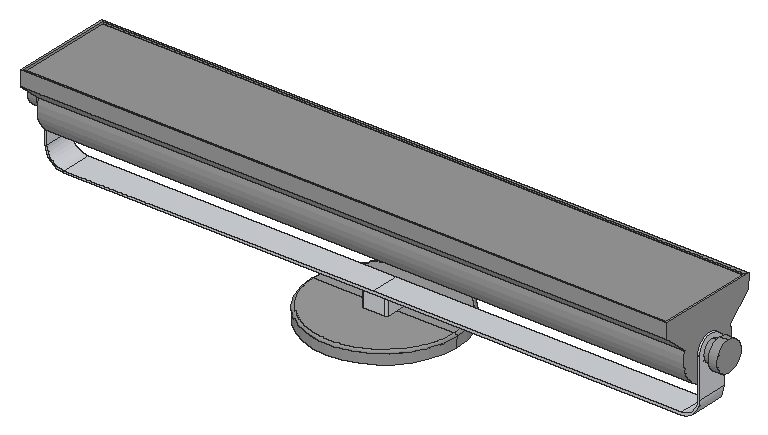
Revit family "Alcon-13126-12-SM-Revit-Family", category Generic Models, host Face, Revit 2025
Family settings
  Host = Face
  Can host rebar = No
  Round Connector Dimension = Use Diameter
  Part Type = Normal
  Cut with Voids When Loaded = No
  Maintain Annotation Orientation = No
  Shared = No
  Room Calculation Point = No
Parameters
  URL = "https://www.alconlighting.com/?srsltid=AfmBOooDPhGQ0dEP-X2PMtxFfvvWpIAEL4jCll_O2F4_to5onvhnBomy"
  Product Page URL = "https://www.alconlighting.com/13126-20.html"
  Model = "13126-20"
  Manufacturer = "ALCON Lighter"
  Housing = Default
  Fixture Rotation = 90.00°
  Default Elevation = 4' - 0"
Reference planes (in)
  plane 1 "Center (Front/Back)": y = 0
  plane 2: z = 0
  plane 3 "Center (Left/Right)": x = 0
  plane 4: z = 2.21166
Forms (in)
  Extrusion 1, solid
    sketch origin (0, 0.03835, 2.57633) x (1, 0, 0) y (0, 0, -1)
      loop
        line (0, 1.64916) -> (9.0625, 1.64916)
        arc (9.0625, 1.64916) -> (9.41605, 1.50272) -> (9.5625, 1.14916) r 0.5
        line (9.5625, 1.14916) -> (9.5625, -0.50555) -> (9.625, -0.50555) -> (9.625, 1.14824)
        arc (9.625, 1.14824) -> (9.45998, 1.54664) -> (9.06158, 1.71166) r 0.56342
        line (9.06158, 1.71166) -> (0, 1.71166) -> (-9.06158, 1.71166)
        arc (-9.06158, 1.71166) -> (-9.45998, 1.54664) -> (-9.625, 1.14824) r 0.56342
        line (-9.625, 1.14824) -> (-9.625, -0.50546) -> (-9.5625, -0.50546) -> (-9.5625, 1.14916)
        arc (-9.5625, 1.14916) -> (-9.41605, 1.50272) -> (-9.0625, 1.64916) r 0.5
        line (-9.0625, 1.64916) -> (0, 1.64916)
    from -0.47585 to 0.39915
  Extrusion 2, solid
    sketch origin (0, 0, 0.86467) x (-1, 0, 0) y (0, 1, 0)
      loop
        arc (-0.375, -0.3125) -> (-0.35669, -0.35669) -> (-0.3125, -0.375) r 0.0625
        line (-0.3125, -0.375) -> (0.3125, -0.375)
        arc (0.3125, -0.375) -> (0.35669, -0.35669) -> (0.375, -0.3125) r 0.0625
        line (0.375, -0.3125) -> (0.375, 0.3125)
        arc (0.375, 0.3125) -> (0.35669, 0.35669) -> (0.3125, 0.375) r 0.0625
        line (0.3125, 0.375) -> (-0.3125, 0.375)
        arc (-0.3125, 0.375) -> (-0.35669, 0.35669) -> (-0.375, 0.3125) r 0.0625
        line (-0.375, 0.3125) -> (-0.375, -0.3125)
    from 0 to 0.5
  Extrusion 3, void
    sketch origin (0, 0, 0.36467) x (0, -1, 0) y (0, 0, 1)
      loop
        arc (-0.4375, 2.21166) -> (0, 2.64916) -> (0.4375, 2.21166) r 0.4375
        line (0.4375, 2.21166) -> (0.4375, 0.3496) -> (0.5625, 0.3496) -> (0.5625, 2.77416) -> (-0.5625, 2.77416) -> (-0.5625, 0.3496) -> (-0.4375, 0.3496) -> (-0.4375, 2.21166)
    from -10.67075 to 10.71715
  Revolve 4, solid, material "Default" <- "Housing"
    sketch origin (0, 0, 0) x (1, 0, 0) y (0, 0, 1)
      loop
        line (0, 0) -> (2.14067, 0) -> (2.14067, 0.29309)
        arc (2.14067, 0.29309) -> (2.11968, 0.34376) -> (2.069, 0.36475) r 0.07166
        line (2.069, 0.36475) -> (0, 0.36475) -> (0, 0)
      axis (0, 0) -> (0, 0.36475)
    angle from 0 to 360
Cuts and joins
  Extrusion 3 cuts Extrusion 1
Dimensions and locks (in)
  "Fixture Rotation": angle nested 1 to plane 4
  aligned and locked: plane 2 to host face
  aligned and locked: level to host face
Automatic sketch dimensions
  host sketch curve to host sketch curve = 8' - 0"  (x2)
  Extrusion 1 sketch curve to plane 3 "Center (Left/Right)" = 0' - 0"  (x2)
  level to Extrusion 1 sketch curve = 0' - 0.86467"
  Extrusion 1 sketch curve to plane 3 "Center (Left/Right)" = 0' - 9.06158"
  Extrusion 1 sketch curve to Extrusion 1 sketch curve = 0' - 0.00092"  (x3)
  Extrusion 1 sketch curve to Extrusion 1 sketch curve = 0' - 0 1/2"
  Extrusion 1 sketch curve to Extrusion 1 sketch curve = 0' - 0 1/16"  (x2)
  level to Extrusion 1 sketch curve = 0' - 1.4281"
  plane 3 "Center (Left/Right)" to Extrusion 1 sketch curve = 0' - 9.06158"
  Extrusion 1 sketch curve to plane 4 = 0' - 0.87014"
  Extrusion 1 sketch curve to plane 4 = 0' - 0.87022"
  plane 3 "Center (Left/Right)" to Extrusion 2 sketch curve = 0' - 0 3/8"
  Extrusion 2 sketch curve to Extrusion 2 sketch curve = 0' - 0 1/16"  (x3)
  Extrusion 2 sketch curve to plane 3 "Center (Left/Right)" = 0' - 0 5/16"  (x2)
  Extrusion 2 sketch curve to plane 1 "Center (Front/Back)" = 0' - 0 3/8"
  plane 1 "Center (Front/Back)" to Extrusion 2 sketch curve = 0' - 0 5/16"
  Extrusion 3 sketch curve to plane 4 = 0' - 0.36467"
  Extrusion 3 sketch curve to plane 1 "Center (Front/Back)" = 0' - 0"
  Extrusion 3 sketch curve to plane 1 "Center (Front/Back)" = 0' - 0 7/16"
  Extrusion 3 sketch curve to Extrusion 3 sketch curve = 0' - 0 1/8"
  plane 1 "Center (Front/Back)" to Extrusion 3 sketch curve = 0' - 0 9/16"
  level to Extrusion 3 sketch curve = 0' - 0.71427"  (x2)
  Extrusion 3 sketch curve to plane 4 = 0' - 0.92717"
  Revolve 4 sketch curve to level = 0' - 0"  (x2)
  Revolve 4 sketch curve to plane 3 "Center (Left/Right)" = 0' - 0"  (x2)
  level to Revolve 4 sketch curve = 0' - 0.29309"
  plane 3 "Center (Left/Right)" to Revolve 4 sketch curve = 0' - 2.069"
  Revolve 4 sketch curve to Revolve 4 sketch curve = 0' - 0.07166"
  plane 4 to Revolve 4 sketch curve = 0' - 0.21166"
Nested families (in)
  nested 1: "Alcon - 13126-20 Box_" at (0, 0, 2.57633) x (0, 0, -1) z (1, 0, 0), type "Alcon - 13126-20 Box_"
    with built-in parameter 1001306 0.03898 (stored number, unit not read)
Definition of nested family "Alcon - 13126-20 Box_"
  Parameters (values of type "Alcon - 13126-20 Box_")
    Wattage = 9.2903 W
    built-in parameter 1150110 = 1 (stored number, unit not read)
    built-in parameter 1114217 = 1 (stored number, unit not read)
    Tilt Angle = 60.00°
    built-in parameter 1150109 = 1 (stored number, unit not read)
    built-in parameter 1150134 = 3
    built-in parameter 1150113 = 1 (stored number, unit not read)
    built-in parameter 1010507 = 1.5708 (stored number, unit not read)
    built-in parameter 1010506 = 0.5236 (stored number, unit not read)
    built-in parameter 1150105 = 4614.1 (stored number, unit not read)
    Lumens = 1380 lm
    built-in parameter 1150115 = 1 (stored number, unit not read)
    Light Source Symbol Length = 10' - 0"
    built-in parameter 1150137 = (empty or 0)
    built-in parameter 1150139 = (empty or 0)
    built-in parameter 1001306 [instance] = 4' - 0"
    built-in parameter 1150112 = 1 (stored number, unit not read)
    built-in parameter 1150114 = 1 (stored number, unit not read)
    built-in parameter 1150132 = (empty or 0)
    built-in parameter 1150102 = (empty or 0)
    built-in parameter 1150107 = 3200 (stored number, unit not read)
    built-in parameter 1150138 = (empty or 0)
    built-in parameter 1150106 = 46.141 (stored number, unit not read)
    Glass Frosted = none
    built-in parameter 1150104 = 13.8 (stored number, unit not read)
    Dimming Lamp Color Temperature Shift = (empty or 0)
    Default Elevation = 0' - 0"
    Color Filter = 16777215
    Body = none
    built-in parameter 1114218 = 1 (stored number, unit not read)
    built-in parameter 1150133 = 10 (stored number, unit not read)
  Reference planes (in)
    plane 1 "Center (Front/Back)": y = 0
    plane 2: z = 0
    plane 3 "Left": x = 0
    plane 4 "Right": x = 48
  Forms (in)
    Extrusion 1, solid, material <- "Body"
      sketch origin (0, -0.82692, 2.54268) x (0, -1, 0) y (1, 0, 0)
        loop
          line (0.67308, -1.3125) -> (0.67308, -0.875) -> (0, -0.28606)
          arc (0, -0.28606) -> (-0.82692, 0.875) -> (-1.65384, -0.28606) r 0.875
          line (-1.65384, -0.28606) -> (-2.32692, -0.875) -> (-2.32692, -1.3125) -> (0.67308, -1.3125)
      from -12.04268 to 6.95732
    Extrusion 2, void
      sketch origin (0, 0, 0) x (1, 0, 0) y (0, 1, 0)
        loop
          line (-1.375, 1.4375) -> (-1.375, -1.4375) -> (-0.90336, -1.4375) -> (-0.30463, -0.75323) -> (-0.30463, 0.75323) -> (-0.90336, 1.4375) -> (-1.375, 1.4375)
      from -9.4375 to 9.4375
    Extrusion 3, solid, material <- "Glass Frosted"
      sketch origin (0, 0, 0) x (0, 1, 0) y (0, 0, 1)
        loop
          line (1.4375, 9.4375) -> (-1.4375, 9.4375) -> (-1.4375, -9.4375) -> (1.4375, -9.4375) -> (1.4375, 9.4375)
      from -1.26766 to -1.2223
    Extrusion 4, solid, material <- "Body"
      sketch origin (0, 0, 0) x (1, 0, 0) y (0, 1, 0)
        loop
          circle (0, 0) r 0.4375
      from -10.125 to 10.125
    Extrusion 5, void
      sketch origin (0, 0, 0) x (1, 0, 0) y (0, 1, 0)
        loop
          circle (0, 0) r 0.4375
        loop
          circle (0, 0) r 0.3125
      from -9.875 to 9.875
  Cuts and joins
    Extrusion 2 cuts Extrusion 1
    Extrusion 5 cuts Extrusion 4
  Lines and regions (in)
    reference lines
      curve 1: line (0, 0, 0) -> (48, 0, 0)
    model lines
      curve 2: line (0, 0, 0) -> (-13.25, 0, 0)
      curve 3: line (0, 0, 0) -> (-13.25, 0, 0)
      curve 4: line (0, 0, 0) -> (-13.25, 0, 0)
  Dimensions and locks (in)
    "built-in parameter 1001306": plane 3 "Left" to plane 4 "Right"
    cut or joined group of Extrusion 1, Extrusion 2 to Extrusion 3 = 1' - 6 15/16"
    aligned and locked: plane 4 "Right" to curve 1
    aligned and locked: plane 1 "Center (Front/Back)" to curve 1
    aligned and locked: plane 3 "Left" to curve 1
    aligned and locked: level to plane 2
  Automatic sketch dimensions
    Extrusion 1 sketch curve to Extrusion 1 sketch curve = 0' - 0.67308"  (x2)
    Extrusion 1 sketch curve to Extrusion 1 sketch curve = 0' - 0.82692"
    Extrusion 1 sketch curve to Extrusion 1 sketch curve = 0' - 0 7/16"
    plane 1 "Center (Front/Back)" to Extrusion 1 sketch curve = 0' - 0"
    Extrusion 1 sketch curve to plane 3 "Left" = 0' - 0"
    Extrusion 1 sketch curve to plane 3 "Left" = 0' - 0.28606"
    plane 1 "Center (Front/Back)" to Extrusion 1 sketch curve = 0' - 0.82692"
    Extrusion 1 sketch curve to plane 3 "Left" = 0' - 0 7/8"  (x2)
    Extrusion 2 sketch curve to plane 3 "Left" = 0' - 0.30463"
    Extrusion 2 sketch curve to plane 3 "Left" = 0' - 0.90336"  (x2)
    Extrusion 2 sketch curve to Extrusion 2 sketch curve = 0' - 0.47164"
    plane 1 "Center (Front/Back)" to Extrusion 2 sketch curve = 0' - 0.75323"
    Extrusion 2 sketch curve to Extrusion 2 sketch curve = 0' - 0.68427"  (x2)
    Extrusion 2 sketch curve to plane 1 "Center (Front/Back)" = 0' - 0.75323"
    Extrusion 3 sketch curve to plane 1 "Center (Front/Back)" = 0' - 1 7/16"
    level to Extrusion 3 sketch curve = 0' - 9 7/16"
    plane 1 "Center (Front/Back)" to Extrusion 3 sketch curve = 0' - 1 7/16"
    Extrusion 3 sketch curve to level = 0' - 9 7/16"
    plane 1 "Center (Front/Back)" to curve 2 = 0' - 0"
    curve 2 to plane 3 "Left" = 0' - 0"
    curve 2 to curve 2 = 1' - 1 1/4"
    plane 1 "Center (Front/Back)" to Extrusion 4 sketch curve = 0' - 0"
    Extrusion 4 sketch curve to plane 3 "Left" = 0' - 0"
    curve 3 to plane 3 "Left" = 0' - 0"
    plane 1 "Center (Front/Back)" to Extrusion 5 sketch curve = 0' - 0"
    Extrusion 5 sketch curve to plane 3 "Left" = 0' - 0"
    Extrusion 5 sketch curve to Extrusion 5 sketch curve = 0' - 0 7/16"
    Extrusion 5 sketch curve to Extrusion 5 sketch curve = 0' - 0"  (x2)
    Extrusion 5 sketch curve to Extrusion 5 sketch curve = 0' - 0 1/8"
    plane 1 "Center (Front/Back)" to curve 3 = 0' - 0"
    curve 3 to curve 2 = 0' - 0"
    curve 4 to plane 3 "Left" = 0' - 0"
    plane 1 "Center (Front/Back)" to curve 4 = 0' - 0"
    curve 4 to curve 3 = 0' - 0"
    radius of Extrusion 4 sketch curve = 0' - 0 7/16"
